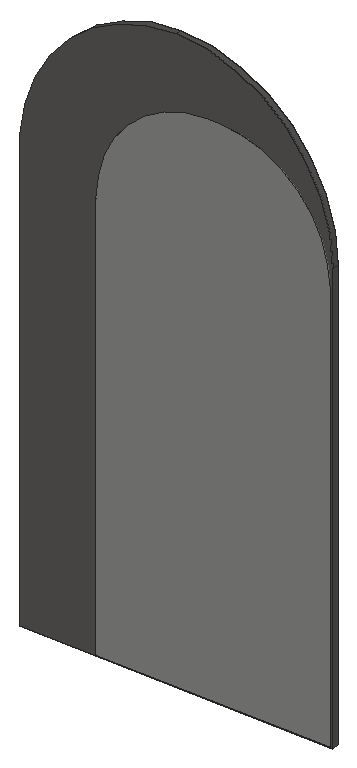
Revit family "Haworth_BuzziMirage_Large", category Furniture, Revit 2018
Family settings
  OmniClass Number = 23.40.70.14.64.21
  OmniClass Title = Systems Furniture
  Work Plane-Based = No
  Always vertical = Yes
  Cut with Voids When Loaded = No
  Shared = No
  Room Calculation Point = No
Parameters (values of type "HCBZ-MGM2-W")
  Warranty = "http://www.haworth.com/resources/product-info/warranties"
  URL - Product = "https://www.haworth.com/products/accessories/accessories-decor/buzzimirage"
  URL = "http://www.haworth.com/our-brands/haworth-collection"
  Size = "Verify Final Dim. w/ Haworth"  # constant formula
  Revision Number = "1"  # constant formula
  Model = "HCBZ-MGM"  # constant formula
  Mirror Height = 78.73828"  # constant formula
  Mirror Finish = Haworth _ Glass _ Clear
  Manufacturer = "Haworth"  # constant formula
  Frame Finish [instance] = Haworth _ Wood _ Stained Ash _ Black (BAS-BLK)
  Description = "Haworth BuzziMirage Large Mirror"  # constant formula
  Author = "Haworth (Abd Rahman)"  # constant formula
  Assembly Code = "E2020200"
  Actual Width = 47.23828"  # constant formula
  Actual Height = 88.57813"  # constant formula
  Actual Depth = 0.94141"  # constant formula
Reference planes (in)
  plane 1 "Center F/B": y = 1.75
  plane 2: z = 0
  plane 3 "Back": y = 2.2207
  plane 4 "Front": y = 1.2793
  plane 5 "Top": z = 88.57813
  plane 6 "Right": x = 46.07952
  plane 7 "Left": x = -1.15876
  plane 8: x = 22.46038
  plane 9 "Left Mirror": x = 10.39876
  plane 10: z = 78.73828
  plane 11 "Right Mirror": x = 45.82876
Forms (in)
  Extrusion 1, solid, material "Haworth _ Wood _ Stained Ash _ Black (BAS-BLK)" <- "Frame Finish"
    sketch origin (0, 1.75, 0) x (1, 0, 0) y (0, 0, 1)
      loop
        line (-1.15876, 66.43474) -> (-1.15876, 0) -> (46.07952, 0) -> (46.07952, 64.95898)
        arc (46.07952, 64.95898) -> (39.16163, 81.66024) -> (22.46038, 88.57813) r 23.61914
        arc (22.46038, 88.57813) -> (6.32282, 82.22484) -> (-1.15377, 66.57601) r 23.67437
        arc (-1.15377, 66.57601) -> (-1.15752, 66.50542) -> (-1.15876, 66.43474) r 2
    from -0.4707 to 0.4707
  Extrusion 2, solid, material "Haworth _ Glass _ Clear" <- "Mirror Finish"
    sketch origin (0, 1.75, 0) x (1, 0, 0) y (0, 0, 1)
      loop
        line (10.39876, 61.90914) -> (10.39876, 0) -> (45.82876, 0) -> (45.82876, 61.92236)
        arc (45.82876, 61.92236) -> (40.90349, 73.81301) -> (29.01285, 78.73828) r 16.81592
        line (29.01285, 78.73828) -> (27.22791, 78.73828)
        arc (27.22791, 78.73828) -> (15.3279, 73.80914) -> (10.39876, 61.90914) r 16.82915
    from 0.02933 to 0.52933
Lines and regions (in)
  Masking region 1
    outline origin (0, 0, 0) x (1, 0, 0) y (0, 1, 0)
      loop
        line (-1.15876, 2.2207) -> (-1.15876, 1.2793) -> (46.07952, 1.2793) -> (46.07952, 2.2207) -> (-1.15876, 2.2207)
Dimensions and locks (in)
  "Actual Width": plane 7 "Left" to plane 6 "Right"
  "Actual Depth": plane 4 "Front" to plane 3 "Back"
  equal spacing: plane 4 "Front", plane 1 "Center F/B", plane 3 "Back"
  "Actual Height": plane 5 "Top" to level
  equal spacing: plane 7 "Left", plane 8, plane 6 "Right"
  plane 3 "Back" to plane 4 "Front" = 0.94141"
  "Mirror Height": plane 2 to plane 10
  locked: plane 11 "Right Mirror" to plane 6 "Right" at 0.25075
  plane 11 "Right Mirror" to plane 6 "Right" = 0.25075"
  aligned and locked: plane 3 "Back" to Extrusion 1
  aligned and locked: plane 4 "Front" to Extrusion 1
  aligned and locked: Extrusion 1 to plane 3 "Back"
  aligned and locked: Extrusion 1 to plane 4 "Front"
  aligned and locked: plane 6 "Right" to Extrusion 1
  aligned and locked: plane 7 "Left" to Extrusion 1
  aligned and locked: Extrusion 2 sketch curve to plane 9 "Left Mirror"
  aligned and locked: Extrusion 2 sketch curve to plane 11 "Right Mirror"
  aligned and locked: Extrusion 2 sketch curve to plane 10
  aligned and locked: Extrusion 2 sketch curve to plane 2
  aligned and locked: plane 7 "Left" to Extrusion 1 sketch curve
  aligned and locked: Extrusion 1 sketch curve to plane 6 "Right"
Automatic sketch dimensions
  Extrusion 2 sketch curve to plane 8 = 4.76753"
  Extrusion 2 sketch curve to Extrusion 2 sketch curve = 1.78494"
  Extrusion 1 sketch curve to plane 5 "Top" = 0"
  plane 8 to Extrusion 1 sketch curve = 0"
  Extrusion 1 sketch curve to level = 0"
  Extrusion 1 sketch curve to plane 8 = 0.00109"
  Extrusion 1 sketch curve to Extrusion 1 sketch curve = 0.05523"
  Extrusion 1 sketch curve to plane 7 "Left" = 0.005"
  Extrusion 1 sketch curve to Extrusion 1 sketch curve = 0"
  Masking region 1 sketch curve to plane 3 "Back" = 0"
  Masking region 1 sketch curve to plane 7 "Left" = 0"
  Masking region 1 sketch curve to plane 6 "Right" = 0"
  plane 4 "Front" to Masking region 1 sketch curve = 0"
